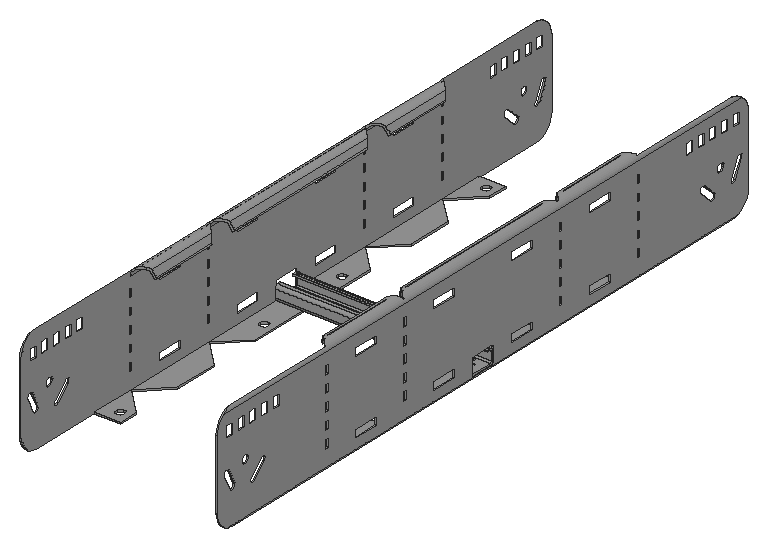
Revit family "Multifunktionsverbinder", category Generic Models, Revit 2017 (continued)
Dimensions and locks
  aligned and locked: cut or joined group 1 (Extrusion 3, Extrusion 5, Extrusion 7, Extrusion 9, Extrusion 11, Extrusion 13, Extrusion 15, Extrusion 17, Extrusion 19, Extrusion 21, Extrusion 23, Extrusion 25, Extrusion 26, Extrusion 27, Extrusion 28, Extrusion 29, Extrusion 30, Extrusion 31, Extrusion 32, Extrusion 33, Extrusion 35, Extrusion 36, Extrusion 37, Extrusion 38, Extrusion 39, Extrusion 41, Extrusion 42, Extrusion 43, Extrusion 44, Extrusion 45, Extrusion 48, Extrusion 49, Extrusion 50, Extrusion 51, Extrusion 52, Extrusion 53, Extrusion 54, Extrusion 55, Extrusion 56, Extrusion 57, Extrusion 58, Extrusion 59, Extrusion 60, Extrusion 61, Extrusion 62, Extrusion 66, Extrusion 67, Extrusion 68, Extrusion 69, Extrusion 70, Extrusion 71, Extrusion 72, Extrusion 73, Extrusion 74, Extrusion 75, Extrusion 76, Extrusion 77, Extrusion 78, Extrusion 79, Extrusion 80, Extrusion 81, Extrusion 82, Extrusion 83, Extrusion 84, Extrusion 85, Extrusion 90, Extrusion 91, Extrusion 96, Extrusion 97, Extrusion 98, Extrusion 99, Extrusion 104, Extrusion 112, Extrusion 117, Extrusion 122, Extrusion 127, Extrusion 128, Extrusion 129, Extrusion 130, Extrusion 131, Extrusion 132, Extrusion 133, Extrusion 138) to Extrusion 19 sketch curve
  aligned and locked: Extrusion 19 sketch curve to plane 47
  aligned and locked: Extrusion 19 sketch curve to plane 48
  aligned and locked: Extrusion 3 to Extrusion 19  (x2)
  aligned and locked: cut or joined group 2 (Extrusion 2, Extrusion 4, Extrusion 6, Extrusion 8, Extrusion 10, Extrusion 12, Extrusion 14, Extrusion 16, Extrusion 18, Extrusion 20, Extrusion 22, Extrusion 24, Extrusion 26, Extrusion 27, Extrusion 28, Extrusion 29, Extrusion 30, Extrusion 31, Extrusion 32, Extrusion 33, Extrusion 41, Extrusion 71, Extrusion 83, Extrusion 84, Extrusion 85, Extrusion 86, Extrusion 87, Extrusion 88, Extrusion 89, Extrusion 90, Extrusion 91, Extrusion 92, Extrusion 93, Extrusion 94, Extrusion 95, Extrusion 96, Extrusion 99, Extrusion 100, Extrusion 101, Extrusion 102, Extrusion 103, Extrusion 104, Extrusion 105, Extrusion 106, Extrusion 107, Extrusion 108, Extrusion 109, Extrusion 110, Extrusion 111, Extrusion 112, Extrusion 113, Extrusion 114, Extrusion 115, Extrusion 116, Extrusion 117, Extrusion 118, Extrusion 119, Extrusion 120, Extrusion 121, Extrusion 122, Extrusion 123, Extrusion 124, Extrusion 125, Extrusion 126, Extrusion 127, Extrusion 128, Extrusion 130, Extrusion 131, Extrusion 132, Extrusion 133, Extrusion 134, Extrusion 135, Extrusion 136, Extrusion 137, Extrusion 138) to Extrusion 20 sketch curve
  aligned and locked: Extrusion 20 sketch curve to plane 49
  aligned and locked: Extrusion 20 sketch curve to plane 50
  aligned and locked: Extrusion 2 to Extrusion 20  (x2)
  aligned and locked: cut or joined group 1 to Extrusion 21 sketch curve
  aligned and locked: Extrusion 21 sketch curve to plane 52
  aligned and locked: Extrusion 21 sketch curve to plane 51
  aligned and locked: Extrusion 3 to Extrusion 21  (x2)
  aligned and locked: Extrusion 22 sketch curve to cut or joined group 2  (x2)
  aligned and locked: cut or joined group 2 to Extrusion 22 sketch curve
  aligned and locked: Extrusion 2 to Extrusion 22
  aligned and locked: Extrusion 23 sketch curve to cut or joined group 1  (x2)
  aligned and locked: cut or joined group 1 to Extrusion 23 sketch curve
  aligned and locked: Extrusion 3 to Extrusion 23
  aligned and locked: Extrusion 24 sketch curve to cut or joined group 2
  aligned and locked: Extrusion 24 sketch curve to plane 41
  aligned and locked: Extrusion 24 sketch curve to plane 54
  aligned and locked: Extrusion 2 to Extrusion 24  (x2)
  aligned and locked: Extrusion 25 sketch curve to plane 56
  aligned and locked: Extrusion 25 sketch curve to plane 43
  aligned and locked: cut or joined group 1 to Extrusion 25 sketch curve
  aligned and locked: Extrusion 3 to Extrusion 25  (x2)
  aligned and locked: Extrusion 27 to cut or joined group 1
  aligned and locked: Extrusion 29 sketch curve to cut or joined group 2
  aligned and locked: Extrusion 2 to Extrusion 30
  aligned and locked: Extrusion 31 to Extrusion 2
  aligned and locked: Extrusion 8 to Extrusion 32
  aligned and locked: Extrusion 33 to Extrusion 2
  aligned and locked: cut or joined group 1 to cut or joined group 1  (x21)
  aligned and locked: cut or joined group 1 to Extrusion 71  (x2)
  aligned and locked: Extrusion 3 to Extrusion 79
  aligned and locked: Extrusion 3 to Extrusion 81
  aligned and locked: cut or joined group 1 to Extrusion 83
  aligned and locked: cut or joined group 1 to Extrusion 84
  aligned and locked: Extrusion 85 to Extrusion 32
  aligned and locked: Extrusion 8 to Extrusion 85
  aligned and locked: cut or joined group 2 to cut or joined group 2  (x13)
  aligned and locked: Extrusion 2 to Extrusion 90  (x2)
  aligned and locked: Extrusion 2 to Extrusion 91  (x2)
  aligned and locked: Extrusion 2 to Extrusion 96
  aligned and locked: Extrusion 2 to Extrusion 99
  aligned and locked: Extrusion 2 to Extrusion 104
  aligned and locked: Extrusion 2 to Extrusion 112
  aligned and locked: Extrusion 2 to Extrusion 117
  aligned and locked: Extrusion 2 to Extrusion 122
  aligned and locked: Extrusion 3 to Extrusion 60
  aligned and locked: Extrusion 3 to Extrusion 43
  aligned and locked: Extrusion 3 to Extrusion 51
  aligned and locked: Extrusion 3 to Extrusion 54
  aligned and locked: Extrusion 3 to Extrusion 55
  aligned and locked: Extrusion 3 to Extrusion 59
  aligned and locked: Extrusion 3 to Extrusion 42
  aligned and locked: Extrusion 3 to Extrusion 44
  aligned and locked: Extrusion 3 to Extrusion 56
  aligned and locked: Extrusion 3 to Extrusion 45
  aligned and locked: Extrusion 3 to Extrusion 52
  aligned and locked: Extrusion 3 to Extrusion 57
  aligned and locked: Extrusion 3 to Extrusion 62
  aligned and locked: cut or joined group of Extrusion 1, Extrusion 138, Extrusion 139 to cut or joined group of Extrusion 1, Extrusion 138, Extrusion 139  (x5)
  aligned and locked: cut or joined group of Extrusion 1, Extrusion 138, Extrusion 139 to Extrusion 139 sketch curve  (x6)
  aligned and locked: Extrusion 1 to Extrusion 139
Automatic sketch dimensions
  Extrusion 1 sketch curve to Extrusion 1 sketch curve = 0 mm  (x5)
  Extrusion 1 sketch curve to plane 5 = 3 mm
  Extrusion 1 sketch curve to Extrusion 1 sketch curve = 1.5 mm  (x2)
  level to Extrusion 1 sketch curve = 3 mm
  Extrusion 1 sketch curve to plane 5 = 0 mm  (x2)
  level to Extrusion 1 sketch curve = 0 mm
  Extrusion 2 sketch curve to plane 8 = 0 mm
  Extrusion 2 sketch curve to plane 12 = 0 mm  (x2)
  Extrusion 2 sketch curve to level = 0 mm
  plane 9 to Extrusion 2 sketch curve = 1.631 mm
  Extrusion 3 sketch curve to Extrusion 3 sketch curve = 0 mm  (x2)
  Extrusion 3 sketch curve to plane 6 = 0 mm
  plane 17 to Extrusion 3 sketch curve = 0.146 mm
  plane 15 to Extrusion 3 sketch curve = 0.132 mm
  level to Extrusion 3 sketch curve = 0 mm
  Extrusion 4 sketch curve to plane 1 "Center (Front/Back)" = 2.692 mm
  Extrusion 4 sketch curve to Extrusion 4 sketch curve = 2 mm  (x3)
  level to Extrusion 4 sketch curve = 2.34 mm
  level to Extrusion 4 sketch curve = 2.016 mm
  Extrusion 4 sketch curve to Extrusion 4 sketch curve = 0.001 mm
  Extrusion 5 sketch curve to Extrusion 5 sketch curve = 2 mm  (x3)
  plane 7 to Extrusion 5 sketch curve = 0.009 mm
  level to Extrusion 5 sketch curve = 2 mm
  Extrusion 5 sketch curve to Extrusion 5 sketch curve = 14.918 mm
  Extrusion 5 sketch curve to plane 1 "Center (Front/Back)" = 2.987 mm
  Extrusion 5 sketch curve to Extrusion 5 sketch curve = 12.009 mm
  plane 20 to Extrusion 7 sketch curve = 0 mm
  Extrusion 7 sketch curve to plane 6 = 0 mm
  Extrusion 7 sketch curve to plane 6 = 26.982 mm
  plane 3 "Center (Left/Right)" to Extrusion 10 sketch curve = 15.288 mm
  plane 3 "Center (Left/Right)" to Extrusion 12 sketch curve = 15.288 mm
  Extrusion 11 sketch curve to plane 6 = 16.127 mm
  plane 3 "Center (Left/Right)" to Extrusion 14 sketch curve = 15.288 mm
  Extrusion 15 sketch curve to plane 6 = 0 mm
  Extrusion 15 sketch curve to plane 6 = 16.127 mm
  Extrusion 8 sketch curve to plane 3 "Center (Left/Right)" = 0 mm
  Extrusion 8 sketch curve to plane 22 = 0.127 mm
  plane 22 to Extrusion 8 sketch curve = 15.161 mm
  Extrusion 9 sketch curve to plane 22 = 0.009 mm
  plane 22 to Extrusion 9 sketch curve = 16.118 mm
  level to Extrusion 26 sketch curve = 90.059 mm
  Extrusion 26 sketch curve to plane 20 = 93 mm
  Extrusion 26 sketch curve to Extrusion 26 sketch curve = 20 mm
  level to Extrusion 27 sketch curve = 18.5 mm
  Extrusion 27 sketch curve to plane 20 = 93 mm
  Extrusion 27 sketch curve to level = 1.5 mm
  Extrusion 28 sketch curve to plane 42 = 0 mm
  Extrusion 28 sketch curve to Extrusion 28 sketch curve = 20 mm
  level to Extrusion 28 sketch curve = 90.059 mm
  Extrusion 28 sketch curve to Extrusion 28 sketch curve = 0 mm
  Extrusion 29 sketch curve to plane 42 = 0 mm
  Extrusion 29 sketch curve to Extrusion 29 sketch curve = 20 mm
  level to Extrusion 29 sketch curve = 18.5 mm
  Extrusion 29 sketch curve to Extrusion 29 sketch curve = 0.021 mm
  Extrusion 29 sketch curve to Extrusion 29 sketch curve = 0 mm
  Extrusion 30 sketch curve to plane 42 = 0 mm
  Extrusion 30 sketch curve to Extrusion 30 sketch curve = 20 mm
  level to Extrusion 30 sketch curve = 89.487 mm
  Extrusion 31 sketch curve to plane 42 = 0 mm
  Extrusion 31 sketch curve to level = 1.5 mm
  level to Extrusion 31 sketch curve = 18.5 mm
  Extrusion 32 sketch curve to plane 20 = 93 mm
  Extrusion 32 sketch curve to Extrusion 32 sketch curve = 20 mm
  level to Extrusion 32 sketch curve = 89.487 mm
  Extrusion 33 sketch curve to level = 1.5 mm
  Extrusion 33 sketch curve to plane 20 = 73 mm
  level to Extrusion 33 sketch curve = 18.5 mm
  Extrusion 33 sketch curve to Extrusion 33 sketch curve = 0 mm
  Extrusion 34 sketch curve to plane 59 = 6 mm
  Extrusion 36 sketch curve to plane 63 = 6 mm
  Extrusion 37 sketch curve to plane 65 = 6 mm
  Extrusion 38 sketch curve to plane 67 = 6 mm
  Extrusion 39 sketch curve to plane 69 = 6 mm
  Extrusion 40 sketch curve to plane 71 = 4.5 mm
  Extrusion 46 sketch curve to plane 73 = 4.5 mm
  Extrusion 47 sketch curve to plane 74 = 4.5 mm
  Extrusion 13 sketch curve to plane 6 = 16.127 mm
  plane 75 to Extrusion 66 sketch curve = 6 mm
  Extrusion 80 sketch curve to plane 79 = 0 mm
  Extrusion 85 sketch curve to Extrusion 85 sketch curve = 9 mm
  Extrusion 85 sketch curve to Extrusion 85 sketch curve = 12 mm
  Extrusion 86 sketch curve to Extrusion 86 sketch curve = 9 mm
  Extrusion 86 sketch curve to Extrusion 86 sketch curve = 12 mm
  Extrusion 87 sketch curve to Extrusion 87 sketch curve = 9 mm
  Extrusion 87 sketch curve to Extrusion 87 sketch curve = 12 mm
  Extrusion 88 sketch curve to Extrusion 88 sketch curve = 9 mm
  Extrusion 88 sketch curve to Extrusion 88 sketch curve = 12 mm
  Extrusion 89 sketch curve to Extrusion 89 sketch curve = 9 mm
  Extrusion 89 sketch curve to Extrusion 89 sketch curve = 12 mm
  plane 86 to Extrusion 90 sketch curve = 0 mm
  Extrusion 90 sketch curve to plane 87 = 0 mm
  plane 76 to Extrusion 58 sketch curve = 0.5 mm
  Extrusion 58 sketch curve to plane 40 = 2.013 mm
  Extrusion 91 sketch curve to Extrusion 91 sketch curve = 4 mm
  Extrusion 91 sketch curve to Extrusion 91 sketch curve = 9 mm
  Extrusion 92 sketch curve to Extrusion 92 sketch curve = 4 mm
  Extrusion 92 sketch curve to Extrusion 92 sketch curve = 9 mm
  Extrusion 93 sketch curve to Extrusion 93 sketch curve = 4 mm
  Extrusion 93 sketch curve to Extrusion 93 sketch curve = 9 mm
  Extrusion 94 sketch curve to Extrusion 94 sketch curve = 4 mm
  Extrusion 94 sketch curve to Extrusion 94 sketch curve = 9 mm
  Extrusion 95 sketch curve to Extrusion 95 sketch curve = 4 mm
  Extrusion 95 sketch curve to Extrusion 95 sketch curve = 9 mm
  Extrusion 96 sketch curve to Extrusion 96 sketch curve = 28 mm
  plane 76 to Extrusion 74 sketch curve = 0.5 mm
  Extrusion 74 sketch curve to plane 40 = 64 mm
  Extrusion 99 sketch curve to Extrusion 99 sketch curve = 9 mm
  Extrusion 43 sketch curve to plane 22 = 2 mm
  plane 86 to Extrusion 43 sketch curve = 2.423 mm
  Extrusion 44 sketch curve to plane 22 = 2 mm
  plane 86 to Extrusion 44 sketch curve = 19.373 mm
  Extrusion 99 sketch curve to Extrusion 99 sketch curve = 12 mm
  Extrusion 100 sketch curve to Extrusion 100 sketch curve = 9 mm
  Extrusion 100 sketch curve to Extrusion 100 sketch curve = 12 mm
  Extrusion 101 sketch curve to Extrusion 101 sketch curve = 9 mm
  Extrusion 101 sketch curve to Extrusion 101 sketch curve = 12 mm
  Extrusion 102 sketch curve to Extrusion 102 sketch curve = 9 mm
  Extrusion 102 sketch curve to Extrusion 102 sketch curve = 12 mm
  Extrusion 103 sketch curve to Extrusion 103 sketch curve = 9 mm
  Extrusion 103 sketch curve to Extrusion 103 sketch curve = 12 mm
  Extrusion 104 sketch curve to plane 86 = 0 mm
  Extrusion 104 sketch curve to plane 89 = 0 mm
  Extrusion 96 sketch curve to Extrusion 96 sketch curve = 9 mm
  Extrusion 105 sketch curve to Extrusion 105 sketch curve = 28 mm
  Extrusion 105 sketch curve to Extrusion 105 sketch curve = 9 mm
  Extrusion 106 sketch curve to Extrusion 106 sketch curve = 28 mm
  Extrusion 106 sketch curve to Extrusion 106 sketch curve = 9 mm
  plane 58 to Extrusion 106 sketch curve = 4.5 mm
  Extrusion 106 sketch curve to plane 82 = 13.987 mm
  Extrusion 107 sketch curve to Extrusion 107 sketch curve = 28 mm
  Extrusion 107 sketch curve to Extrusion 107 sketch curve = 9 mm
  level to Extrusion 107 sketch curve = 18.6 mm
  Extrusion 107 sketch curve to plane 40 = 64 mm
  Extrusion 108 sketch curve to Extrusion 108 sketch curve = 28 mm
  Extrusion 108 sketch curve to Extrusion 108 sketch curve = 9 mm
  Extrusion 109 sketch curve to Extrusion 109 sketch curve = 28 mm
  Extrusion 109 sketch curve to Extrusion 109 sketch curve = 9 mm
  Extrusion 110 sketch curve to Extrusion 110 sketch curve = 28 mm
  Extrusion 110 sketch curve to Extrusion 110 sketch curve = 9 mm
  Extrusion 111 sketch curve to Extrusion 111 sketch curve = 28 mm
  Extrusion 111 sketch curve to Extrusion 111 sketch curve = 9 mm
  plane 86 to Extrusion 55 sketch curve = 2.429 mm
  plane 83 to Extrusion 55 sketch curve = 48 mm
  Extrusion 112 sketch curve to Extrusion 112 sketch curve = 4 mm
  Extrusion 112 sketch curve to Extrusion 112 sketch curve = 9 mm
  Extrusion 113 sketch curve to Extrusion 113 sketch curve = 4 mm
  Extrusion 113 sketch curve to Extrusion 113 sketch curve = 9 mm
  Extrusion 50 sketch curve to plane 33 = 2.013 mm
  plane 86 to Extrusion 50 sketch curve = 2.445 mm
  Extrusion 114 sketch curve to Extrusion 114 sketch curve = 4 mm
  Extrusion 114 sketch curve to Extrusion 114 sketch curve = 9 mm
  Extrusion 115 sketch curve to Extrusion 115 sketch curve = 4 mm
  Extrusion 115 sketch curve to Extrusion 115 sketch curve = 9 mm
  Extrusion 116 sketch curve to Extrusion 116 sketch curve = 4 mm
  Extrusion 116 sketch curve to Extrusion 116 sketch curve = 9 mm
  plane 76 to Extrusion 48 sketch curve = 0.5 mm
  Extrusion 48 sketch curve to plane 33 = 2.013 mm
  Extrusion 117 sketch curve to Extrusion 117 sketch curve = 4 mm
  Extrusion 117 sketch curve to Extrusion 117 sketch curve = 9 mm
  Extrusion 118 sketch curve to Extrusion 118 sketch curve = 4 mm
  Extrusion 118 sketch curve to Extrusion 118 sketch curve = 9 mm
  Extrusion 119 sketch curve to Extrusion 119 sketch curve = 4 mm
  Extrusion 119 sketch curve to Extrusion 119 sketch curve = 9 mm
  Extrusion 120 sketch curve to Extrusion 120 sketch curve = 4 mm
  Extrusion 120 sketch curve to Extrusion 120 sketch curve = 9 mm
  Extrusion 121 sketch curve to Extrusion 121 sketch curve = 4 mm
  Extrusion 121 sketch curve to Extrusion 121 sketch curve = 9 mm
  Extrusion 122 sketch curve to Extrusion 122 sketch curve = 4 mm
  Extrusion 122 sketch curve to Extrusion 122 sketch curve = 9 mm
  Extrusion 123 sketch curve to Extrusion 123 sketch curve = 4 mm
  Extrusion 123 sketch curve to Extrusion 123 sketch curve = 9 mm
  Extrusion 124 sketch curve to Extrusion 124 sketch curve = 4 mm
  Extrusion 124 sketch curve to Extrusion 124 sketch curve = 9 mm
  Extrusion 125 sketch curve to Extrusion 125 sketch curve = 4 mm
  Extrusion 125 sketch curve to Extrusion 125 sketch curve = 9 mm
  Extrusion 126 sketch curve to Extrusion 126 sketch curve = 4 mm
  Extrusion 126 sketch curve to Extrusion 126 sketch curve = 9 mm
  plane 92 to Extrusion 127 sketch curve = 0 mm
  Extrusion 127 sketch curve to Extrusion 127 sketch curve = 2.509 mm
  plane 91 to Extrusion 127 sketch curve = 0 mm
  Extrusion 128 sketch curve to plane 99 = 0.638 mm
  Extrusion 128 sketch curve to plane 99 = 4.771 mm
  plane 86 to Extrusion 129 sketch curve = 3.917 mm
  Extrusion 129 sketch curve to plane 89 = 27.529 mm
  Extrusion 129 sketch curve to Extrusion 129 sketch curve = 3.167 mm  (x2)
  plane 86 to Extrusion 129 sketch curve = 0.937 mm
  plane 86 to Extrusion 129 sketch curve = 19.435 mm
  plane 89 to Extrusion 129 sketch curve = 7.211 mm
  Extrusion 129 sketch curve to Extrusion 129 sketch curve = 2.49 mm  (x3)
  plane 86 to Extrusion 129 sketch curve = 7.588 mm
  Extrusion 129 sketch curve to Extrusion 129 sketch curve = 12.432 mm
  Extrusion 129 sketch curve to Extrusion 129 sketch curve = 2.691 mm
  plane 86 to Extrusion 129 sketch curve = 12.568 mm
  Extrusion 129 sketch curve to Extrusion 129 sketch curve = 2.288 mm
  Extrusion 49 sketch curve to plane 33 = 2.013 mm
  Extrusion 49 sketch curve to plane 86 = 14.577 mm
  Extrusion 60 sketch curve to plane 40 = 2.013 mm
  plane 86 to Extrusion 60 sketch curve = 2.406 mm
  Extrusion 51 sketch curve to plane 33 = 2.013 mm
  plane 86 to Extrusion 51 sketch curve = 19.468 mm
  plane 86 to Extrusion 56 sketch curve = 19.444 mm
  plane 83 to Extrusion 56 sketch curve = 48 mm
  Extrusion 54 sketch curve to plane 86 = 14.585 mm
  plane 83 to Extrusion 54 sketch curve = 48 mm
  Extrusion 59 sketch curve to plane 40 = 2.013 mm
  Extrusion 59 sketch curve to plane 86 = 14.597 mm
  Extrusion 61 sketch curve to plane 40 = 2.013 mm
  plane 86 to Extrusion 61 sketch curve = 19.409 mm
  Extrusion 45 sketch curve to plane 22 = 2 mm
  level to Extrusion 45 sketch curve = 16.59 mm
  Extrusion 52 sketch curve to plane 33 = 2.013 mm
  level to Extrusion 52 sketch curve = 16.509 mm
  level to Extrusion 57 sketch curve = 16.542 mm
  plane 83 to Extrusion 57 sketch curve = 48 mm
  Extrusion 62 sketch curve to plane 40 = 2.013 mm
  level to Extrusion 62 sketch curve = 16.589 mm
  plane 86 to Extrusion 132 sketch curve = 0 mm
  Extrusion 132 sketch curve to plane 57 = 0.456 mm
  plane 86 to Extrusion 132 sketch curve = 1.49 mm
  Extrusion 132 sketch curve to Extrusion 132 sketch curve = 1.49 mm
  plane 57 to Extrusion 132 sketch curve = 0.994 mm
  Extrusion 132 sketch curve to Extrusion 132 sketch curve = 3.167 mm
  Extrusion 133 sketch curve to plane 87 = 25.027 mm
  Extrusion 133 sketch curve to Extrusion 133 sketch curve = 2.475 mm  (x6)
  plane 86 to Extrusion 133 sketch curve = 7.516 mm
  Extrusion 133 sketch curve to plane 87 = 12.257 mm
  Extrusion 133 sketch curve to Extrusion 133 sketch curve = 12.77 mm
  Extrusion 134 sketch curve to plane 111 = 0 mm
  plane 112 to Extrusion 135 sketch curve = 0 mm
  Extrusion 135 sketch curve to plane 113 = 0 mm
  plane 114 to Extrusion 136 sketch curve = 0 mm
  Extrusion 136 sketch curve to plane 115 = 0 mm
  plane 116 to Extrusion 137 sketch curve = 0 mm
  Extrusion 137 sketch curve to plane 117 = 0 mm
  Extrusion 35 sketch curve to plane 76 = 1.461 mm
  Extrusion 42 sketch curve to plane 22 = 2 mm
  Extrusion 42 sketch curve to plane 86 = 14.593 mm
  plane 76 to Extrusion 53 sketch curve = 0.5 mm
  plane 83 to Extrusion 53 sketch curve = 48 mm
  plane 102 to Extrusion 130 sketch curve = 0 mm
  plane 101 to Extrusion 130 sketch curve = 0 mm
  plane 86 to Extrusion 130 sketch curve = 12.466 mm
  Extrusion 131 sketch curve to plane 107 = 0 mm
  plane 86 to Extrusion 131 sketch curve = 0 mm
  Extrusion 131 sketch curve to plane 57 = 6.79 mm
  Extrusion 131 sketch curve to Extrusion 131 sketch curve = 3.167 mm
  Extrusion 131 sketch curve to plane 57 = 0.456 mm
  Extrusion 131 sketch curve to plane 108 = 0.339 mm
  plane 108 to Extrusion 131 sketch curve = 2.828 mm
  plane 7 to Extrusion 138 sketch curve = 0.007 mm  (x2)
  plane 118 to Extrusion 138 sketch curve = 0.241 mm
  plane 119 to Extrusion 138 sketch curve = 0.41 mm
  plane 123 to Extrusion 139 sketch curve = 3.974 mm
  Extrusion 139 sketch curve to plane 122 = 5.187 mm
  Extrusion 139 sketch curve to plane 120 "72.9" = 4.5 mm
  plane 121 to Extrusion 139 sketch curve = 5.5 mm
  Extrusion 139 sketch curve to plane 1 "Center (Front/Back)" = 6.486 mm  (x3)
  plane 7 to Extrusion 139 sketch curve = 8.492 mm  (x3)
  radius of Extrusion 90 sketch curve = 4.5 mm
  radius of Extrusion 104 sketch curve = 4.5 mm
